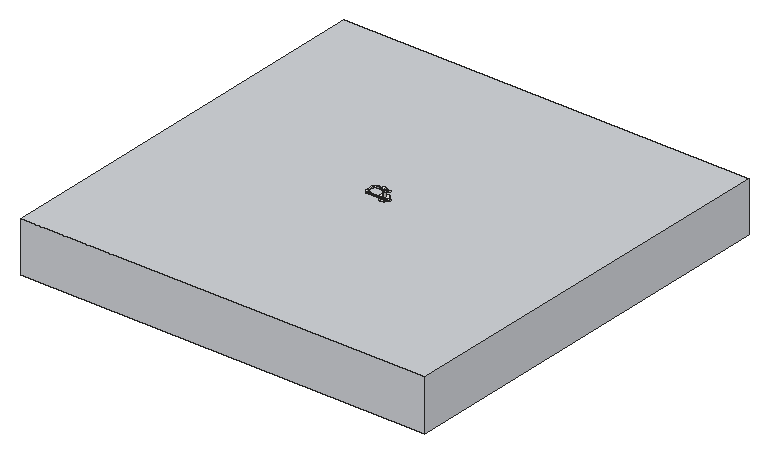
Revit family "Toilet_Paper_Holder-Grohe-BauCosmopolitan-40457001", category Specialty Equipment, host Face, Revit 2014
Parameters (values of type "40457001")
  Width = 5.98425"
  URL = "https://www.grohe.us"
  Type Comments = ""
  Product Page URL = "https://www.grohe.us/en_us/bau-cosmopolitan-paper-holder-40457001.html"
  Price = "Prices may vary. Please consult Manufacturer Representative for most up-to-date price list."  # constant formula
  Model = "40457001"
  Material = "Metal-Grohe-000-Chrome"
  Manufacturer = "Grohe"
  Length = 2.28346"
  Installation Type = "Wall Mounted"
  Height = 4.13386"
  Finish = Metal-Grohe-000-Chrome
  Description = "BauCosmopolitan Paper holder"
  Default Elevation = 16"
  Creation Date = "7/6/2017"  # constant formula
  Assembly Code = "D2010710"
Reference planes (in)
  plane 1 "Center (Front/Back)": y = 0
  plane 2: z = 0
  plane 3 "Center (Left/Right)": x = 0
  plane 4: x = -2.45079
  plane 5: x = 3.53346
  plane 6: y = 1.06299
  plane 7: y = -3.0315
  plane 8: z = 2.28346
  plane 9: y = -1.06299
  plane 10: x = -0.29528
  plane 11: x = 0.29528
  plane 12: x = -3.46399
  plane 13: x = 3.33784
  plane 14: y = -2.85496
Forms (in)
  Extrusion 1, solid
    sketch origin (0, 0, 0) x (1, 0, 0) y (0, 1, 0)
      loop
        line (-48, 48) -> (-48, -48) -> (48, -48) -> (48, 48) -> (-48, 48)
    from 0 to -12
  Revolve 2, solid, material "Metal-Grohe-000-Chrome"
    sketch origin (0, 0, 0) x (0, 1, 0) y (0, 0, 1)
      loop
        line (0, 0) -> (1.06299, 0) -> (1.06299, 0.36192) -> (0.20153, 0.36192) -> (0.20153, 1.9375) -> (0, 1.9375) -> (0, 0)
      axis (0, 0) -> (0, 1.9375)
    angle from 0 to 360
  Extrusion 3, solid, material "Metal-Grohe-000-Chrome"
    sketch origin (0, 0, 0) x (0, 1, 0) y (0, 0, 1)
      loop
        circle (0, 1.9743) r 0.30916
    from -0.29528 to 0.29528
  Sweep 4, solid, material "Metal-Grohe-000-Chrome"
    path origin (-0.01845, 0, 0.28141) x (1, 0, 0) y (0, 1, 0)
      loop
        line (1.32176, 0) -> (-1.68307, 0)
        arc (-1.68307, 0) -> (-2.10065, -0.17297) -> (-2.27362, -0.59055) r 0.59055
        line (-2.27362, -0.59055) -> (-2.27362, -2.26441)
        arc (-2.27362, -2.26441) -> (-2.10065, -2.68199) -> (-1.68307, -2.85496) r 0.59055
        line (-1.68307, -2.85496) -> (2.75619, -2.85496)
        arc (2.75619, -2.85496) -> (2.95408, -2.8245) -> (3.13365, -2.73594) r 0.65809
        line (3.13365, -2.73594) -> (3.45615, -2.51013)
    profile origin (-0.19911, 0, 0.28141) x (0, -1, 0) y (0, 0, 1)
      loop
        circle (0, 1.6875) r 0.15625
Lines and regions (in)
  Masking region 1
    outline origin (0, 0, 0) x (1, 0, 0) y (0, 0, 1)
      loop
        line (0.20153, 0.36192) -> (0.20153, 1.6654) -> (0.29528, 1.6654) -> (0.29528, 1.81357) -> (3.43974, 1.81357)
        arc (3.43974, 1.81357) -> (3.45757, 1.81706) -> (3.47276, 1.82702) r 0.04724
        arc (3.47276, 1.82702) -> (3.53347, 1.9709) -> (3.47323, 2.11497) r 0.20162
        arc (3.47323, 2.11497) -> (3.4576, 2.12527) -> (3.43924, 2.12888) r 0.04847
        line (3.43924, 2.12888) -> (0.29528, 2.12888) -> (0.29528, 2.28346) -> (-0.29528, 2.28346) -> (-0.29528, 2.12888) -> (-2.2935, 2.12888)
        arc (-2.2935, 2.12888) -> (-2.45115, 1.97123) -> (-2.2935, 1.81357) r 0.15766
        line (-2.2935, 1.81357) -> (-0.29528, 1.81357) -> (-0.29528, 1.6654) -> (-0.20153, 1.6654) -> (-0.20153, 0.36192) -> (-1.06299, 0.36192) -> (-1.06299, 0) -> (1.06299, 0) -> (1.06299, 0.36192) -> (0.20153, 0.36192)
  symbolic lines, detail levels medium+fine
    curve 1: line (0.20153, 0, 0.36192) -> (-0.20153, 0, 0.36192)
    curve 2: line (-0.20153, 0, 1.6654) -> (0.20153, 0, 1.6654)
  symbolic lines, detail levels fine
    curve 3: arc (0.29528, 0, 2.12888) -> (0.26411, 0, 1.97123) -> (0.29528, 0, 1.81357) r 0.41425
    curve 4: arc (-0.29528, 0, 2.12888) -> (-0.26869, 0, 1.97123) -> (-0.29528, 0, 1.81357) r 0.48066
    curve 5: arc (3.43924, 0, 2.12888) -> (3.35174, 0, 1.97123) -> (3.43924, 0, 1.81357) r 0.18578
Dimensions and locks (in)
  locked: plane 4 to plane 5 at 5.98425
  plane 8 to Extrusion 1 = 2.28346"
  locked: plane 6 to plane 7 at 4.09449
  aligned and locked: plane 2 to Extrusion 1
  aligned and locked: level to Extrusion 1
